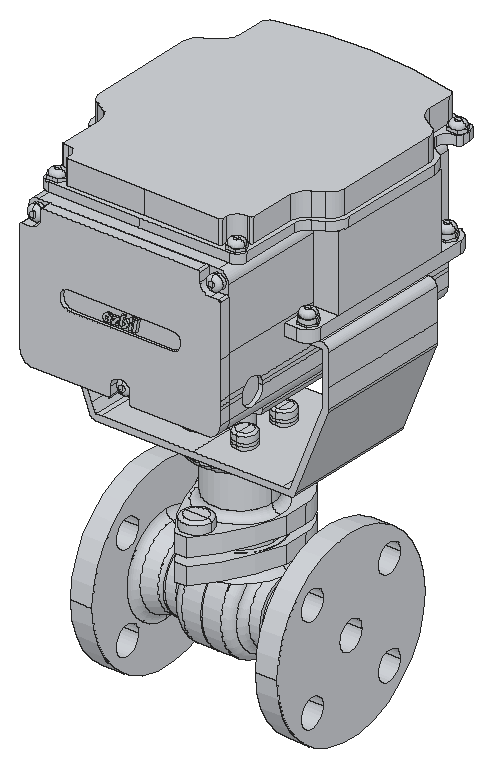
Revit family "電動二方弁_ver2021(ロゴあり)", category 電気設備, Revit 2021 (continued)
Automatic sketch dimensions
  Revolve 33 sketch curve to Revolve 33 sketch curve = 0.448 mm
  Revolve 33 sketch curve to Revolve 33 sketch curve = 0 mm  (x3)
  Revolve 34 sketch curve to plane 1 "中心(正面/背面)" = 6.975 mm
  Revolve 34 sketch curve to Revolve 34 sketch curve = 5.525 mm
  level to Revolve 34 sketch curve = 125.7 mm
  Revolve 34 sketch curve to Revolve 34 sketch curve = 1.6 mm
  Revolve 34 sketch curve to Revolve 34 sketch curve = 3.2 mm
  Revolve 34 sketch curve to Revolve 34 sketch curve = 0 mm  (x3)
  Revolve 35 sketch curve to plane 3 "中心(左/右)" = 0 mm  (x2)
  Revolve 35 sketch curve to plane 3 "中心(左/右)" = 4.75 mm
  level to Revolve 35 sketch curve = 137.956 mm
  Revolve 35 sketch curve to Revolve 35 sketch curve = 1.544 mm
  Revolve 35 sketch curve to Revolve 35 sketch curve = 0 mm  (x2)
  Revolve 36 sketch curve to plane 3 "中心(左/右)" = 0 mm  (x2)
  Revolve 36 sketch curve to Revolve 36 sketch curve = 10.268 mm
  Revolve 36 sketch curve to Revolve 36 sketch curve = 8.578 mm
  Revolve 36 sketch curve to Revolve 36 sketch curve = 1.153 mm
  Revolve 36 sketch curve to Revolve 36 sketch curve = 6.678 mm
  Revolve 36 sketch curve to Revolve 36 sketch curve = 2.476 mm
  level to Revolve 36 sketch curve = 65.495 mm
  Revolve 36 sketch curve to Revolve 36 sketch curve = 2.236 mm
  Revolve 36 sketch curve to Revolve 36 sketch curve = 3.62 mm
  Revolve 36 sketch curve to Revolve 36 sketch curve = 4.769 mm
  Revolve 36 sketch curve to Revolve 36 sketch curve = 3.897 mm
  Revolve 36 sketch curve to Revolve 36 sketch curve = 0 mm  (x2)
  Extrusion 37 sketch curve to plane 3 "中心(左/右)" = 47 mm
  Extrusion 37 sketch curve to Extrusion 37 sketch curve = 2.5 mm
  Extrusion 37 sketch curve to Extrusion 37 sketch curve = 3 mm
  Extrusion 37 sketch curve to Extrusion 37 sketch curve = 1.558 mm
  plane 3 "中心(左/右)" to Extrusion 37 sketch curve = 44 mm
  Extrusion 37 sketch curve to Extrusion 37 sketch curve = 0.5 mm
  Extrusion 37 sketch curve to Extrusion 37 sketch curve = 0.525 mm
  Extrusion 37 sketch curve to Extrusion 37 sketch curve = 2.475 mm
  level to Extrusion 37 sketch curve = 164.5 mm
  Extrusion 37 sketch curve to Extrusion 37 sketch curve = 1.5 mm
  Extrusion 37 sketch curve to Extrusion 37 sketch curve = 1.652 mm
  Extrusion 37 sketch curve to Extrusion 37 sketch curve = 1.962 mm
  Revolve 38 sketch curve to plane 3 "中心(左/右)" = 0 mm  (x2)
  Revolve 38 sketch curve to plane 3 "中心(左/右)" = 5.688 mm
  Revolve 38 sketch curve to Revolve 38 sketch curve = 1.896 mm
  level to Revolve 38 sketch curve = 90.3 mm
  Revolve 38 sketch curve to Revolve 38 sketch curve = 3.216 mm
  Revolve 38 sketch curve to Revolve 38 sketch curve = 1.117 mm
  Revolve 38 sketch curve to Revolve 38 sketch curve = 0 mm  (x2)
  Revolve 39 sketch curve to plane 3 "中心(左/右)" = 0 mm  (x2)
  Revolve 39 sketch curve to plane 3 "中心(左/右)" = 16.5 mm
  Revolve 39 sketch curve to Revolve 39 sketch curve = 2 mm  (x2)
  Revolve 39 sketch curve to Revolve 39 sketch curve = 4 mm  (x2)
  level to Revolve 39 sketch curve = 90.3 mm
  Revolve 39 sketch curve to Revolve 39 sketch curve = 19 mm
  Revolve 39 sketch curve to Revolve 39 sketch curve = 0 mm  (x4)
  Revolve 40 sketch curve to plane 3 "中心(左/右)" = 0 mm  (x2)
  Revolve 40 sketch curve to plane 3 "中心(左/右)" = 4 mm
  level to Revolve 40 sketch curve = 77 mm
  Revolve 40 sketch curve to Revolve 40 sketch curve = 4.3 mm
  Revolve 40 sketch curve to Revolve 40 sketch curve = 1.5 mm
  Revolve 40 sketch curve to Revolve 40 sketch curve = 0 mm
  plane 3 "中心(左/右)" to Extrusion 41 sketch curve = 51.5 mm
  Extrusion 41 sketch curve to Extrusion 41 sketch curve = 5.8 mm
  Extrusion 41 sketch curve to Extrusion 41 sketch curve = 6 mm
  Extrusion 41 sketch curve to Extrusion 41 sketch curve = 6.5 mm
  Extrusion 41 sketch curve to Extrusion 41 sketch curve = 0.5 mm
  Extrusion 41 sketch curve to Extrusion 41 sketch curve = 3.7 mm
  Extrusion 41 sketch curve to Extrusion 41 sketch curve = 7 mm
  plane 1 "中心(正面/背面)" to Extrusion 41 sketch curve = 36.395 mm
  Extrusion 41 sketch curve to plane 1 "中心(正面/背面)" = 60.605 mm
  Extrusion 41 sketch curve to Extrusion 41 sketch curve = 0.7 mm
  Extrusion 41 sketch curve to Extrusion 41 sketch curve = 7.785 mm
  Extrusion 41 sketch curve to Extrusion 41 sketch curve = 2.098 mm
  Extrusion 41 sketch curve to Extrusion 41 sketch curve = 0 mm
  Extrusion 41 sketch curve to Extrusion 41 sketch curve = 1.226 mm
  Extrusion 42 sketch curve to plane 3 "中心(左/右)" = 51.5 mm
  Extrusion 42 sketch curve to Extrusion 42 sketch curve = 5.8 mm
  Extrusion 42 sketch curve to Extrusion 42 sketch curve = 6 mm
  Extrusion 42 sketch curve to Extrusion 42 sketch curve = 6.5 mm
  Extrusion 42 sketch curve to Extrusion 42 sketch curve = 0.5 mm
  Extrusion 42 sketch curve to Extrusion 42 sketch curve = 3.7 mm
  Extrusion 42 sketch curve to Extrusion 42 sketch curve = 7 mm
  Extrusion 42 sketch curve to plane 1 "中心(正面/背面)" = 69.302 mm
  Extrusion 42 sketch curve to Extrusion 42 sketch curve = 0.212 mm
  Extrusion 42 sketch curve to Extrusion 42 sketch curve = 7.997 mm
  Extrusion 42 sketch curve to Extrusion 42 sketch curve = 0.7 mm
  plane 1 "中心(正面/背面)" to Extrusion 42 sketch curve = 29.395 mm
  Extrusion 42 sketch curve to Extrusion 42 sketch curve = 0 mm
  Extrusion 42 sketch curve to Extrusion 42 sketch curve = 1.226 mm
  Extrusion 43 sketch curve to plane 3 "中心(左/右)" = 64.592 mm
  Extrusion 43 sketch curve to Extrusion 43 sketch curve = 3.729 mm
  Extrusion 43 sketch curve to Extrusion 43 sketch curve = 1.085 mm  (x2)
  Extrusion 43 sketch curve to Extrusion 43 sketch curve = 2.797 mm  (x4)
  Extrusion 43 sketch curve to Extrusion 43 sketch curve = 7.85 mm
  Extrusion 43 sketch curve to Extrusion 43 sketch curve = 2.643 mm
  Extrusion 43 sketch curve to level = 130.361 mm
  Extrusion 43 sketch curve to Extrusion 43 sketch curve = 1.447 mm
  Extrusion 44 sketch curve to plane 3 "中心(左/右)" = 28.5 mm
  plane 3 "中心(左/右)" to Extrusion 44 sketch curve = 28.5 mm
  level to Extrusion 44 sketch curve = 161 mm
  Extrusion 44 sketch curve to Extrusion 44 sketch curve = 0.788 mm
  Revolve 45 sketch curve to plane 3 "中心(左/右)" = 60.5 mm
  Revolve 45 sketch curve to Revolve 45 sketch curve = 2.25 mm
  level to Revolve 45 sketch curve = 197.236 mm
  Revolve 45 sketch curve to Revolve 45 sketch curve = 2.264 mm
  Revolve 45 sketch curve to Revolve 45 sketch curve = 0 mm
  Revolve 45 sketch curve to Revolve 45 sketch curve = 0.936 mm
  Revolve 45 sketch curve to Revolve 45 sketch curve = 1.8 mm
  Revolve 46 sketch curve to plane 3 "中心(左/右)" = 60.5 mm
  Revolve 46 sketch curve to Revolve 46 sketch curve = 2.25 mm
  level to Revolve 46 sketch curve = 197.236 mm
  Revolve 46 sketch curve to Revolve 46 sketch curve = 2.264 mm
  Revolve 46 sketch curve to Revolve 46 sketch curve = 0 mm
  Revolve 46 sketch curve to Revolve 46 sketch curve = 0.936 mm
  Revolve 46 sketch curve to Revolve 46 sketch curve = 1.8 mm
  plane 3 "中心(左/右)" to Revolve 47 sketch curve = 56.375 mm
  Revolve 47 sketch curve to Revolve 47 sketch curve = 2.25 mm
  level to Revolve 47 sketch curve = 197.236 mm
  Revolve 47 sketch curve to Revolve 47 sketch curve = 2.264 mm
  Revolve 47 sketch curve to Revolve 47 sketch curve = 0 mm
  Revolve 47 sketch curve to Revolve 47 sketch curve = 0.936 mm
  Revolve 47 sketch curve to Revolve 47 sketch curve = 1.8 mm
  plane 3 "中心(左/右)" to Revolve 48 sketch curve = 56.375 mm
  Revolve 48 sketch curve to Revolve 48 sketch curve = 2.25 mm
  level to Revolve 48 sketch curve = 197.236 mm
  Revolve 48 sketch curve to Revolve 48 sketch curve = 2.264 mm
  Revolve 48 sketch curve to Revolve 48 sketch curve = 0 mm
  Revolve 48 sketch curve to Revolve 48 sketch curve = 0.936 mm
  Revolve 48 sketch curve to Revolve 48 sketch curve = 1.8 mm
  Extrusion 49 sketch curve to plane 1 "中心(正面/背面)" = 25.952 mm
  Extrusion 49 sketch curve to plane 3 "中心(左/右)" = 74.125 mm
  Extrusion 49 sketch curve to plane 1 "中心(正面/背面)" = 13.532 mm  (x2)
  Extrusion 49 sketch curve to plane 3 "中心(左/右)" = 23 mm
  Extrusion 49 sketch curve to plane 3 "中心(左/右)" = 6.954 mm
  Extrusion 49 sketch curve to plane 3 "中心(左/右)" = 3.046 mm
  Extrusion 49 sketch curve to plane 3 "中心(左/右)" = 1.923 mm
  plane 3 "中心(左/右)" to Extrusion 49 sketch curve = 1.923 mm
  plane 3 "中心(左/右)" to Extrusion 49 sketch curve = 3.046 mm
  plane 3 "中心(左/右)" to Extrusion 49 sketch curve = 6.954 mm
  Extrusion 49 sketch curve to Extrusion 49 sketch curve = 51.125 mm
  Extrusion 49 sketch curve to plane 1 "中心(正面/背面)" = 1.214 mm  (x2)
  Revolve 50 sketch curve to plane 3 "中心(左/右)" = 0 mm  (x2)
  Revolve 50 sketch curve to plane 3 "中心(左/右)" = 23 mm
  Revolve 50 sketch curve to Revolve 50 sketch curve = 2 mm  (x2)
  level to Revolve 50 sketch curve = 115.3 mm
  Revolve 50 sketch curve to Revolve 50 sketch curve = 5.2 mm
  Revolve 50 sketch curve to Revolve 50 sketch curve = 0.2 mm
  Extrusion 51 sketch curve to plane 1 "中心(正面/背面)" = 25.952 mm
  Extrusion 51 sketch curve to plane 3 "中心(左/右)" = 74.125 mm
  Extrusion 51 sketch curve to plane 1 "中心(正面/背面)" = 13.532 mm  (x2)
  Extrusion 51 sketch curve to plane 3 "中心(左/右)" = 23 mm
  Extrusion 51 sketch curve to plane 3 "中心(左/右)" = 6.954 mm
  Extrusion 51 sketch curve to plane 3 "中心(左/右)" = 3.046 mm
  Extrusion 51 sketch curve to plane 3 "中心(左/右)" = 1.923 mm
  plane 3 "中心(左/右)" to Extrusion 51 sketch curve = 1.923 mm
  plane 3 "中心(左/右)" to Extrusion 51 sketch curve = 3.046 mm
  plane 3 "中心(左/右)" to Extrusion 51 sketch curve = 6.954 mm
  Extrusion 51 sketch curve to Extrusion 51 sketch curve = 51.125 mm
  Extrusion 51 sketch curve to plane 1 "中心(正面/背面)" = 1.214 mm  (x2)
  Revolve 52 sketch curve to plane 3 "中心(左/右)" = 0 mm  (x2)
  Revolve 52 sketch curve to plane 3 "中心(左/右)" = 17.5 mm
  level to Revolve 52 sketch curve = 77 mm
  Revolve 52 sketch curve to Revolve 52 sketch curve = 4.3 mm
  Revolve 52 sketch curve to Revolve 52 sketch curve = 0 mm  (x2)
  Extrusion 53 sketch curve to plane 1 "中心(正面/背面)" = 24.749 mm
  level to Extrusion 53 sketch curve = 72.249 mm
  Extrusion 54 sketch curve to plane 1 "中心(正面/背面)" = 24.749 mm
  level to Extrusion 54 sketch curve = 22.751 mm
  plane 1 "中心(正面/背面)" to Extrusion 55 sketch curve = 24.749 mm
  level to Extrusion 55 sketch curve = 22.751 mm
  plane 1 "中心(正面/背面)" to Extrusion 56 sketch curve = 24.749 mm
  level to Extrusion 56 sketch curve = 22.751 mm
  Extrusion 57 sketch curve to plane 1 "中心(正面/背面)" = 0 mm
  level to Extrusion 57 sketch curve = 47.5 mm
  plane 1 "中心(正面/背面)" to Revolve 58 sketch curve = 75.7 mm
  Revolve 58 sketch curve to Revolve 58 sketch curve = 2 mm
  Revolve 58 sketch curve to Revolve 58 sketch curve = 0.6 mm
  level to Revolve 58 sketch curve = 238.5 mm
  Revolve 58 sketch curve to Revolve 58 sketch curve = 1.75 mm
  Revolve 58 sketch curve to Revolve 58 sketch curve = 0 mm  (x3)
  plane 1 "中心(正面/背面)" to Revolve 59 sketch curve = 73.1 mm
  Revolve 59 sketch curve to Revolve 59 sketch curve = 1.6 mm
  level to Revolve 59 sketch curve = 238.5 mm
  Revolve 59 sketch curve to Revolve 59 sketch curve = 3.75 mm
  Revolve 59 sketch curve to Revolve 59 sketch curve = 0 mm  (x3)
  plane 1 "中心(正面/背面)" to Revolve 60 sketch curve = 75.7 mm
  Revolve 60 sketch curve to Revolve 60 sketch curve = 2 mm
  Revolve 60 sketch curve to Revolve 60 sketch curve = 0.6 mm
  level to Revolve 60 sketch curve = 238.5 mm
  Revolve 60 sketch curve to Revolve 60 sketch curve = 1.75 mm
  Revolve 60 sketch curve to Revolve 60 sketch curve = 0 mm  (x3)
  plane 1 "中心(正面/背面)" to Revolve 61 sketch curve = 73.1 mm
  Revolve 61 sketch curve to Revolve 61 sketch curve = 1.6 mm
  level to Revolve 61 sketch curve = 238.5 mm
  Revolve 61 sketch curve to Revolve 61 sketch curve = 3.75 mm
  Revolve 61 sketch curve to Revolve 61 sketch curve = 0 mm  (x3)
  plane 1 "中心(正面/背面)" to Revolve 62 sketch curve = 75.7 mm
  Revolve 62 sketch curve to Revolve 62 sketch curve = 2 mm
  Revolve 62 sketch curve to Revolve 62 sketch curve = 0.6 mm
  level to Revolve 62 sketch curve = 174.5 mm
  Revolve 62 sketch curve to Revolve 62 sketch curve = 1.75 mm
  Revolve 62 sketch curve to Revolve 62 sketch curve = 0 mm  (x3)
  plane 1 "中心(正面/背面)" to Revolve 63 sketch curve = 73.1 mm
  Revolve 63 sketch curve to Revolve 63 sketch curve = 1.6 mm
  level to Revolve 63 sketch curve = 174.5 mm
  Revolve 63 sketch curve to Revolve 63 sketch curve = 3.75 mm
  Revolve 63 sketch curve to Revolve 63 sketch curve = 0 mm  (x3)
  Extrusion 64 sketch curve to plane 3 "中心(左/右)" = 65 mm
  Extrusion 64 sketch curve to Extrusion 64 sketch curve = 13.382 mm
  Extrusion 64 sketch curve to Extrusion 64 sketch curve = 5.3 mm  (x2)
  level to Extrusion 64 sketch curve = 205.5 mm
  Extrusion 64 sketch curve to Extrusion 64 sketch curve = 33.2 mm
  Extrusion 64 sketch curve to Extrusion 64 sketch curve = 0 mm
  Extrusion 65 sketch curve to plane 3 "中心(左/右)" = 65 mm
  Extrusion 65 sketch curve to Extrusion 65 sketch curve = 13.382 mm
  Extrusion 65 sketch curve to Extrusion 65 sketch curve = 5.3 mm  (x2)
  Extrusion 65 sketch curve to level = 205.5 mm
  Extrusion 65 sketch curve to Extrusion 65 sketch curve = 33.2 mm
  Extrusion 65 sketch curve to Extrusion 65 sketch curve = 0 mm
  Extrusion 66 sketch curve to plane 3 "中心(左/右)" = 7.352 mm
  Extrusion 66 sketch curve to Extrusion 66 sketch curve = 0.489 mm
  Extrusion 66 sketch curve to Extrusion 66 sketch curve = 0.491 mm
  Extrusion 66 sketch curve to Extrusion 66 sketch curve = 0.142 mm
  Extrusion 66 sketch curve to Extrusion 66 sketch curve = 0.117 mm
  Extrusion 66 sketch curve to Extrusion 66 sketch curve = 0.229 mm
  Extrusion 66 sketch curve to Extrusion 66 sketch curve = 1.394 mm
  Extrusion 66 sketch curve to Extrusion 66 sketch curve = 0.569 mm
  Extrusion 66 sketch curve to Extrusion 66 sketch curve = 0.155 mm
  Extrusion 66 sketch curve to Extrusion 66 sketch curve = 0.378 mm
  Extrusion 66 sketch curve to Extrusion 66 sketch curve = 0.2 mm
  Extrusion 66 sketch curve to Extrusion 66 sketch curve = 1.855 mm
  Extrusion 66 sketch curve to Extrusion 66 sketch curve = 1.579 mm
  Extrusion 66 sketch curve to plane 3 "中心(左/右)" = 0.981 mm
  Extrusion 66 sketch curve to plane 3 "中心(左/右)" = 0.781 mm
  Extrusion 66 sketch curve to plane 3 "中心(左/右)" = 0.508 mm
  Extrusion 66 sketch curve to plane 3 "中心(左/右)" = 0.342 mm
  Extrusion 66 sketch curve to plane 3 "中心(左/右)" = 0.164 mm
  plane 3 "中心(左/右)" to Extrusion 66 sketch curve = 0.657 mm
  plane 3 "中心(左/右)" to Extrusion 66 sketch curve = 1.092 mm
  Extrusion 66 sketch curve to Extrusion 66 sketch curve = 0.289 mm
  Extrusion 66 sketch curve to Extrusion 66 sketch curve = 0.328 mm
  Extrusion 66 sketch curve to Extrusion 66 sketch curve = 0.178 mm
  Extrusion 66 sketch curve to Extrusion 66 sketch curve = 1.372 mm  (x3)
  Extrusion 66 sketch curve to Extrusion 66 sketch curve = 0.631 mm
  Extrusion 66 sketch curve to Extrusion 66 sketch curve = 1.319 mm
  Extrusion 66 sketch curve to Extrusion 66 sketch curve = 1.671 mm
  Extrusion 66 sketch curve to Extrusion 66 sketch curve = 2.215 mm
  Extrusion 66 sketch curve to Extrusion 66 sketch curve = 0.082 mm
  Extrusion 66 sketch curve to Extrusion 66 sketch curve = 1.435 mm
  Extrusion 66 sketch curve to Extrusion 66 sketch curve = 0.804 mm
  Extrusion 66 sketch curve to Extrusion 66 sketch curve = 2.601 mm
  Extrusion 66 sketch curve to Extrusion 66 sketch curve = 1.371 mm
  Extrusion 66 sketch curve to Extrusion 66 sketch curve = 1.566 mm
  level to Extrusion 66 sketch curve = 202.767 mm
  Extrusion 66 sketch curve to Extrusion 66 sketch curve = 0.735 mm
  Extrusion 66 sketch curve to Extrusion 66 sketch curve = 0.019 mm
  Extrusion 66 sketch curve to Extrusion 66 sketch curve = 0.754 mm  (x2)
  Extrusion 66 sketch curve to Extrusion 66 sketch curve = 0 mm  (x2)
  Extrusion 66 sketch curve to Extrusion 66 sketch curve = 0.88 mm
  Extrusion 66 sketch curve to Extrusion 66 sketch curve = 1.02 mm
  Extrusion 66 sketch curve to Extrusion 66 sketch curve = 1.135 mm
  Extrusion 66 sketch curve to Extrusion 66 sketch curve = 0.115 mm
  Extrusion 66 sketch curve to Extrusion 66 sketch curve = 0.255 mm
  Extrusion 66 sketch curve to Extrusion 66 sketch curve = 0.417 mm
  Extrusion 66 sketch curve to Extrusion 66 sketch curve = 0.589 mm
  Extrusion 66 sketch curve to Extrusion 66 sketch curve = 0.605 mm
  Extrusion 66 sketch curve to Extrusion 66 sketch curve = 1.352 mm
  Extrusion 66 sketch curve to Extrusion 66 sketch curve = 0.664 mm
  Extrusion 66 sketch curve to Extrusion 66 sketch curve = 0.822 mm
  Extrusion 66 sketch curve to Extrusion 66 sketch curve = 1.703 mm
  Extrusion 66 sketch curve to Extrusion 66 sketch curve = 0.199 mm
  Extrusion 66 sketch curve to Extrusion 66 sketch curve = 0.423 mm
  Extrusion 66 sketch curve to Extrusion 66 sketch curve = 1.398 mm
  Extrusion 66 sketch curve to Extrusion 66 sketch curve = 0.361 mm
  Extrusion 66 sketch curve to Extrusion 66 sketch curve = 1.151 mm
  Extrusion 66 sketch curve to Extrusion 66 sketch curve = 0.851 mm
  Extrusion 66 sketch curve to Extrusion 66 sketch curve = 2.516 mm
  Extrusion 66 sketch curve to Extrusion 66 sketch curve = 1.991 mm
  Extrusion 66 sketch curve to Extrusion 66 sketch curve = 1.645 mm
  Extrusion 66 sketch curve to Extrusion 66 sketch curve = 0.338 mm
  plane 3 "中心(左/右)" to Extrusion 66 sketch curve = 0.171 mm
  Extrusion 66 sketch curve to Extrusion 66 sketch curve = 0.13 mm
  Extrusion 66 sketch curve to Extrusion 66 sketch curve = 0.662 mm
  Extrusion 66 sketch curve to Extrusion 66 sketch curve = 1.164 mm
  Extrusion 67 sketch curve to plane 3 "中心(左/右)" = 7.567 mm
  plane 3 "中心(左/右)" to Extrusion 67 sketch curve = 1.228 mm
  level to Extrusion 67 sketch curve = 204.646 mm
  Extrusion 67 sketch curve to Extrusion 67 sketch curve = 0.831 mm  (x2)
  Extrusion 67 sketch curve to Extrusion 67 sketch curve = 0.039 mm
  Extrusion 68 sketch curve to plane 3 "中心(左/右)" = 25.841 mm
  plane 3 "中心(左/右)" to Extrusion 68 sketch curve = 26.159 mm
  level to Extrusion 68 sketch curve = 201.5 mm
  Extrusion 68 sketch curve to Extrusion 68 sketch curve = 5 mm
  Revolve 69 sketch curve to plane 3 "中心(左/右)" = 61.28 mm
  Revolve 69 sketch curve to Revolve 69 sketch curve = 1.501 mm
  Revolve 69 sketch curve to Revolve 69 sketch curve = 1.75 mm
  level to Revolve 69 sketch curve = 208.5 mm
  Revolve 69 sketch curve to Revolve 69 sketch curve = 1.322 mm
  Revolve 69 sketch curve to Revolve 69 sketch curve = 0 mm  (x2)
  Revolve 69 sketch curve to Revolve 69 sketch curve = 0.722 mm
  Extrusion 70 sketch curve to plane 3 "中心(左/右)" = 58 mm
  Extrusion 70 sketch curve to plane 1 "中心(正面/背面)" = 59.98 mm
  Extrusion 71 sketch curve to plane 3 "中心(左/右)" = 62.907 mm
  Extrusion 71 sketch curve to Extrusion 71 sketch curve = 2.454 mm  (x5)
  Extrusion 71 sketch curve to Extrusion 71 sketch curve = 4.907 mm
  Extrusion 71 sketch curve to plane 1 "中心(正面/背面)" = 55.73 mm
  Extrusion 71 sketch curve to Extrusion 71 sketch curve = 4.25 mm  (x3)
  Revolve 72 sketch curve to plane 3 "中心(左/右)" = 61.28 mm
  Revolve 72 sketch curve to Revolve 72 sketch curve = 1.501 mm
  Revolve 72 sketch curve to Revolve 72 sketch curve = 1.75 mm
  level to Revolve 72 sketch curve = 208.5 mm
  Revolve 72 sketch curve to Revolve 72 sketch curve = 1.322 mm
  Revolve 72 sketch curve to Revolve 72 sketch curve = 0 mm  (x2)
  Revolve 72 sketch curve to Revolve 72 sketch curve = 0.722 mm
  plane 3 "中心(左/右)" to Extrusion 73 sketch curve = 58.5 mm
  plane 1 "中心(正面/背面)" to Extrusion 73 sketch curve = 29.395 mm
  plane 3 "中心(左/右)" to Extrusion 74 sketch curve = 53.593 mm
  plane 1 "中心(正面/背面)" to Extrusion 74 sketch curve = 25.145 mm
  Extrusion 74 sketch curve to Extrusion 74 sketch curve = 2.454 mm  (x5)
  Extrusion 74 sketch curve to Extrusion 74 sketch curve = 4.907 mm
  plane 1 "中心(正面/背面)" to Extrusion 74 sketch curve = 29.395 mm
  Extrusion 74 sketch curve to Extrusion 74 sketch curve = 4.25 mm  (x2)
  plane 3 "中心(左/右)" to Revolve 75 sketch curve = 55.22 mm
  Revolve 75 sketch curve to Revolve 75 sketch curve = 1.501 mm
  Revolve 75 sketch curve to Revolve 75 sketch curve = 1.75 mm
  level to Revolve 75 sketch curve = 208.5 mm
  Revolve 75 sketch curve to Revolve 75 sketch curve = 1.322 mm
  Revolve 75 sketch curve to Revolve 75 sketch curve = 0 mm  (x2)
  Revolve 75 sketch curve to Revolve 75 sketch curve = 0.722 mm
  plane 3 "中心(左/右)" to Extrusion 76 sketch curve = 58.5 mm
  Extrusion 76 sketch curve to plane 1 "中心(正面/背面)" = 59.98 mm
  plane 3 "中心(左/右)" to Extrusion 77 sketch curve = 53.593 mm
  Extrusion 77 sketch curve to Extrusion 77 sketch curve = 2.454 mm  (x5)
  Extrusion 77 sketch curve to Extrusion 77 sketch curve = 4.907 mm
  Extrusion 77 sketch curve to plane 1 "中心(正面/背面)" = 55.73 mm
  Extrusion 77 sketch curve to Extrusion 77 sketch curve = 4.25 mm  (x3)
  plane 3 "中心(左/右)" to Revolve 78 sketch curve = 55.22 mm
  Revolve 78 sketch curve to Revolve 78 sketch curve = 1.501 mm
  Revolve 78 sketch curve to Revolve 78 sketch curve = 1.75 mm
  level to Revolve 78 sketch curve = 208.5 mm
  Revolve 78 sketch curve to Revolve 78 sketch curve = 1.322 mm
  Revolve 78 sketch curve to Revolve 78 sketch curve = 0 mm  (x2)
  Revolve 78 sketch curve to Revolve 78 sketch curve = 0.722 mm
  plane 3 "中心(左/右)" to Revolve 79 sketch curve = 50.936 mm
  Revolve 79 sketch curve to Revolve 79 sketch curve = 1.908 mm
  Revolve 79 sketch curve to Revolve 79 sketch curve = 1.75 mm
  level to Revolve 79 sketch curve = 250.1 mm
  Revolve 79 sketch curve to Revolve 79 sketch curve = 0.6 mm
  Revolve 79 sketch curve to Revolve 79 sketch curve = 0 mm  (x3)
  Revolve 80 sketch curve to plane 3 "中心(左/右)" = 57.314 mm
  Revolve 80 sketch curve to Revolve 80 sketch curve = 1.908 mm
  Revolve 80 sketch curve to Revolve 80 sketch curve = 1.75 mm
  level to Revolve 80 sketch curve = 250.1 mm
  Revolve 80 sketch curve to Revolve 80 sketch curve = 0.6 mm
  Revolve 80 sketch curve to Revolve 80 sketch curve = 0 mm  (x3)
  plane 3 "中心(左/右)" to Extrusion 81 sketch curve = 49.531 mm
  Extrusion 81 sketch curve to Extrusion 81 sketch curve = 2.133 mm  (x2)
  Extrusion 81 sketch curve to Extrusion 81 sketch curve = 2.177 mm
  Extrusion 81 sketch curve to Extrusion 81 sketch curve = 2.731 mm  (x2)
  Extrusion 81 sketch curve to Extrusion 81 sketch curve = 5.55 mm
  Extrusion 81 sketch curve to plane 1 "中心(正面/背面)" = 68.153 mm
  Extrusion 81 sketch curve to Extrusion 81 sketch curve = 3.694 mm  (x2)
  Extrusion 81 sketch curve to Extrusion 81 sketch curve = 3.771 mm
  Extrusion 82 sketch curve to plane 3 "中心(左/右)" = 58.719 mm
  Extrusion 82 sketch curve to Extrusion 82 sketch curve = 2.133 mm  (x2)
  Extrusion 82 sketch curve to Extrusion 82 sketch curve = 2.177 mm
  Extrusion 82 sketch curve to Extrusion 82 sketch curve = 2.731 mm  (x2)
  Extrusion 82 sketch curve to Extrusion 82 sketch curve = 5.55 mm
  Extrusion 82 sketch curve to plane 1 "中心(正面/背面)" = 68.153 mm
  Extrusion 82 sketch curve to Extrusion 82 sketch curve = 3.694 mm  (x2)
  Extrusion 82 sketch curve to Extrusion 82 sketch curve = 3.771 mm
  Extrusion 1 sketch curve to plane 1 "中心(正面/背面)" = 0 mm
  level to Extrusion 1 sketch curve = 47.437 mm
  Extrusion 7 sketch curve to plane 1 "中心(正面/背面)" = 0 mm
  level to Extrusion 7 sketch curve = 47.437 mm
  plane 1 "中心(正面/背面)" to Extrusion 83 sketch curve = 56.39 mm
  level to Extrusion 83 sketch curve = 182.782 mm
  plane 1 "中心(正面/背面)" to Extrusion 84 sketch curve = 56.39 mm
  level to Extrusion 84 sketch curve = 182.782 mm
  radius of Extrusion 2 sketch curve = 7.5 mm
  radius of Extrusion 3 sketch curve = 7.5 mm
  radius of Extrusion 4 sketch curve = 7.5 mm
  radius of Extrusion 5 sketch curve = 7.5 mm
  radius of Extrusion 6 sketch curve = 7.5 mm
  radius of Extrusion 8 sketch curve = 7.5 mm
  radius of Extrusion 12 sketch curve = 4.25 mm
  radius of Extrusion 53 sketch curve = 7.5 mm
  radius of Extrusion 54 sketch curve = 7.5 mm
  radius of Extrusion 55 sketch curve = 7.5 mm
  radius of Extrusion 56 sketch curve = 7.5 mm
  radius of Extrusion 57 sketch curve = 7.5 mm
  radius of Extrusion 70 sketch curve = 4.25 mm
  radius of Extrusion 73 sketch curve = 4.25 mm
  radius of Extrusion 76 sketch curve = 4.25 mm
Connectors
  cabletrayconduit at (-48.8, -56.39, 182.782), diameter 14.031, driven by "配線φ(左側)"
    settings: on cut or joined group of Extrusion 22, Extrusion 83, Extrusion 84, index 3, connector width 300 mm, connector height 300 mm, connector angle 0.00°, system type 32, placement type 0, profile type 0, connector reference index -1, is primary connector yes, connector utility param no, connector description ""
  cabletrayconduit at (-48.8, -56.39, 182.782), diameter 14.031, driven by "配線φ(左側)"
    settings: on cut or joined group of Extrusion 22, Extrusion 83, Extrusion 84, index 4, connector width 300 mm, connector height 300 mm, connector angle 0.00°, system type 32, placement type 0, profile type 0, connector reference index -1, is primary connector no, connector utility param no, connector description ""
  cabletrayconduit at (48.8, -56.39, 182.782), diameter 14.031, driven by "配線φ(右側)"
    settings: on cut or joined group of Extrusion 22, Extrusion 83, Extrusion 84, index 5, connector width 300 mm, connector height 300 mm, connector angle 0.00°, system type 32, placement type 0, profile type 0, connector reference index -1, is primary connector no, connector utility param no, connector description ""
